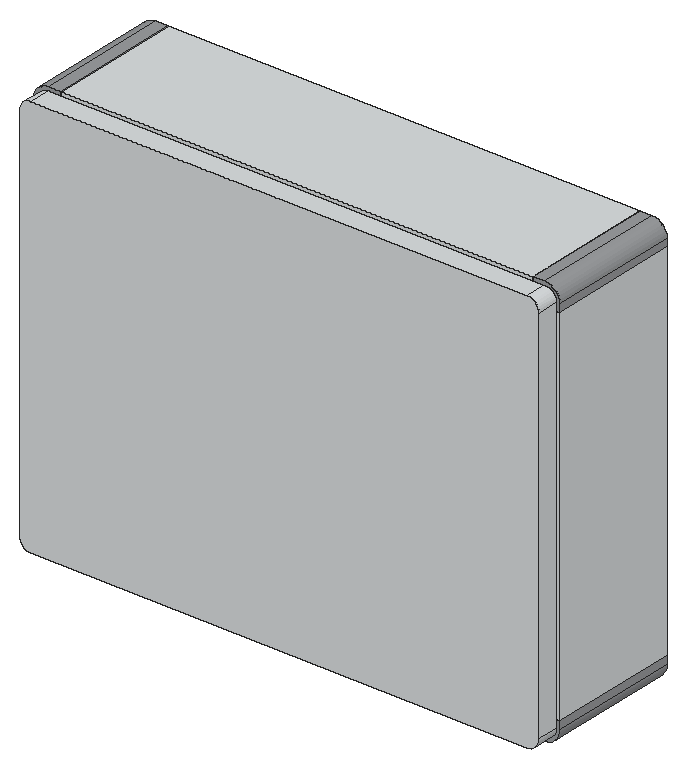
Revit family "Legrand Coffret XL³ 160 Métal", category Equipement électrique, Revit 2020
Family settings
  Configuration du panneau = Deux colonnes, circuits au sein
  Cote de connecteur circulaire = Utiliser le diamètre
  Type d'élément = Tableau de raccordement
  Numéro OmniClass = 23.80.30.11.17
  Titre OmniClass = Distribution Boards and Control Panels
  Basée sur le plan de construction = Non
  Toujours verticalement = Oui
  Couper avec des vides une fois chargée = Non
  Partagée = Non
  Point de calcul de pièce = Non
Parameters (values of type "020002-020272")
  built-in parameter 1140140 [instance] = 1 (stored number, unit not read)
  profondeur zone d'installation = 720 mm
  Matière coin = "Plastique"  # constant formula
  Matière = "Acier"  # constant formula
  Largeur zone d'installation = 1245 mm
  Hauteur zone d'installation = [Hauteur (mm)]  # 450 mm
  zone d'installation [instance] = yes
  URL = "https://www.legrand.fr/"
  profondeur (mm) = 170 mm
  Modèle = "XL³ 160 Metal"
  Largeur (mm) = 575 mm
  IPK (kA) = "35"
  IN max (A) = "160"
  ICW (jusqu'à) (kA) = "0"
  IP sans porte = "30"
  IP avec porte = "43"
  IK sans porte = "07"
  IK avec porte = "08"
  Hauteur (mm) = 450 mm
  Finition = "Peinture époxipolyester déposée par poudrage électrostatique"
  Conditions Générale d'Utilisation = "https://export.legrand.com/CGU-objets-BIM"
  Fabricant = "Legrand"  # constant formula
  RAL = "7035"
  Elévation par défaut = 0 mm
  built-in parameter 1140142 [instance] = -1
  built-in parameter 1155100 [instance] = -1
Types (6, lengths in mm): name | Hauteur zone d'installation | Hauteur (mm)
  (no name) | 450 | 450
  020003-020273 | 600 | 600
  020002-020272 | 450 | 450
  020004-020274 | 750 | 750
  020005-020275 | 900 | 900
  020006-020276 | 1050 | 1050
Reference planes
  plane 1 "Centre (avant/arrière)": y = 0
  plane 2: z = 0
  plane 3 "Centre (gauche/droite)": x = 0
  plane 4: y = 85
  plane 5: y = -85
  plane 6: x = -287.5
  plane 7: x = 287.5
  plane 8: z = 450
  plane 9: z = 225
  plane 10: x = -257.5
  plane 11: z = 425
  plane 12: z = 433.5
  plane 13: x = -271
  plane 14: z = 445
  plane 15: z = 5
  plane 16: x = 282.5
  plane 17: x = -282.5
  plane 18: y = 84
  plane 19: y = -61
  plane 20: z = 446
  plane 21: x = 283.5
  plane 22: z = 4
  plane 23: x = -283.5
  plane 24: x = 257.5
  plane 25: x = -262.5
Forms (mm)
  Extrusion 1, solid, material "IDS_PLASTIQUE"
    sketch origin (0, 0, 0) x (1, 0, 0) y (0, 0, 1)
      loop
        line (-287.5, 425) -> (-257.5, 425) -> (-257.5, 450) -> (-271, 450)
        arc (-271, 450) -> (-282.667, 445.167) -> (-287.5, 433.5) r 16.5
        line (-287.5, 433.5) -> (-287.5, 425)
      loop
        line (287.5, 425) -> (287.5, 433.5)
        arc (287.5, 433.5) -> (282.667, 445.167) -> (271, 450) r 16.5
        line (271, 450) -> (257.5, 450) -> (257.5, 425) -> (287.5, 425)
      loop
        line (-287.5, 25) -> (-287.5, 16.5)
        arc (-287.5, 16.5) -> (-282.667, 4.833) -> (-271, 0) r 16.5
        line (-271, 0) -> (-257.5, 0) -> (-257.5, 25) -> (-287.5, 25)
      loop
        line (287.5, 25) -> (257.5, 25) -> (257.5, 0) -> (271, 0)
        arc (271, 0) -> (282.667, 4.833) -> (287.5, 16.5) r 16.5
        line (287.5, 16.5) -> (287.5, 25)
    from -85 to 61
  Extrusion 2, solid, material "IDS_ACIER"
    sketch origin (0, 0, 0) x (1, 0, 0) y (0, 0, 1)
      loop
        line (-257.5, 450) -> (-257.5, 425) -> (257.5, 425) -> (257.5, 450) -> (-257.5, 450)
      loop
        line (-257.5, 0) -> (257.5, 0) -> (257.5, 25) -> (-257.5, 25) -> (-257.5, 0)
    from -85 to 61
  Extrusion 3, solid, material "IDS_ACIER"
    sketch origin (0, 0, 0) x (1, 0, 0) y (0, 0, 1)
      loop
        line (-287.5, 425) -> (-287.5, 25) -> (-257.5, 25) -> (-257.5, 425) -> (-287.5, 425)
      loop
        line (287.5, 425) -> (257.5, 425) -> (257.5, 25) -> (287.5, 25) -> (287.5, 425)
    from -85 to 61
  Extrusion 4, solid, material "IDS_ACIER"
    sketch origin (0, 0, 0) x (1, 0, 0) y (0, 0, 1)
      loop
        line (-282.5, 445) -> (-282.5, 5) -> (282.5, 5) -> (282.5, 445) -> (-282.5, 445)
    from -85 to -84
  Extrusion 5, solid, material "IDS_ACIER"
    sketch origin (0, 0, 0) x (1, 0, 0) y (0, 0, 1)
      loop
        line (-283.5, 433.5) -> (-283.5, 16.5)
        arc (-283.5, 16.5) -> (-279.839, 7.661) -> (-271, 4) r 12.5
        line (-271, 4) -> (271, 4)
        arc (271, 4) -> (279.839, 7.661) -> (283.5, 16.5) r 12.5
        line (283.5, 16.5) -> (283.5, 433.5)
        arc (283.5, 433.5) -> (279.839, 442.339) -> (271, 446) r 12.5
        line (271, 446) -> (-271, 446)
        arc (-271, 446) -> (-279.839, 442.339) -> (-283.5, 433.5) r 12.5
    from 61 to 85
Cuts and joins
  joined: Extrusion 2, Extrusion 3, Extrusion 4
Dimensions and locks
  equal spacing: plane 6, plane 3 "Centre (gauche/droite)", plane 7
  equal spacing: plane 4, plane 1 "Centre (avant/arrière)", plane 5
  "Largeur (mm)": plane 6 to plane 7
  "profondeur (mm)": plane 4 to plane 5
  "Hauteur (mm)": plane 8 to plane 2
  equal spacing: plane 8, plane 9, plane 2
  locked: plane 10 to plane 6 at 30
  locked: plane 8 to plane 11 at 25
  locked: plane 13 to plane 6 at 16.5
  locked: plane 8 to plane 12 at 16.5
  locked: plane 8 to plane 14 at 5
  locked: plane 15 to plane 2 at 5
  locked: plane 17 to plane 6 at 5
  locked: plane 7 to plane 16 at 5
  locked: plane 18 to plane 4 at 1
  locked: plane 5 to plane 19 at 24
  locked: plane 7 to plane 21 at 4
  locked: plane 22 to plane 2 at 4
  equal spacing: plane 20, plane 9, plane 22
  equal spacing: plane 21, plane 3 "Centre (gauche/droite)", plane 23
  locked: plane 7 to plane 24 at 30
  locked: plane 25 to plane 6 at 25
  aligned and locked: level to plane 2
  aligned and locked: plane 11 to Extrusion 1 sketch curve
  aligned and locked: Extrusion 1 sketch curve to plane 10
  aligned and locked: plane 6 to Extrusion 1 sketch curve
  aligned and locked: plane 4 to Extrusion 1
  aligned and locked: Extrusion 2 sketch curve to plane 8
  aligned and locked: Extrusion 2 sketch curve to Extrusion 1  (x3)
  aligned and locked: plane 4 to Extrusion 2
  aligned and locked: plane 6 to Extrusion 3 sketch curve
  aligned and locked: Extrusion 3 sketch curve to Extrusion 1  (x3)
  aligned and locked: plane 4 to Extrusion 3
  aligned and locked: Extrusion 4 sketch curve to plane 14
  aligned and locked: plane 17 to Extrusion 4 sketch curve
  aligned and locked: plane 15 to Extrusion 4 sketch curve
  aligned and locked: Extrusion 4 sketch curve to plane 16
  aligned and locked: plane 4 to Extrusion 4
  aligned and locked: Extrusion 1 to plane 19
  aligned and locked: Extrusion 1 to Extrusion 3
  aligned and locked: Extrusion 2 to Extrusion 1
  aligned and locked: Extrusion 5 sketch curve to plane 20
  aligned and locked: plane 23 to Extrusion 5 sketch curve
  aligned and locked: plane 22 to Extrusion 5 sketch curve
  aligned and locked: Extrusion 5 sketch curve to plane 21
  aligned and locked: plane 19 to Extrusion 5
  aligned and locked: plane 5 to Extrusion 5
  aligned and locked: cut or joined group of Extrusion 2, Extrusion 3, Extrusion 4 to plane 18
Automatic sketch dimensions
  Extrusion 1 sketch curve to plane 6 = 0 mm
  Extrusion 1 sketch curve to plane 8 = 0 mm  (x2)
  Extrusion 1 sketch curve to plane 13 = 0 mm
  plane 13 to Extrusion 1 sketch curve = 0 mm
  Extrusion 1 sketch curve to plane 10 = 0 mm
  Extrusion 1 sketch curve to level = 0 mm  (x2)
  Extrusion 1 sketch curve to plane 11 = 0 mm
  Extrusion 1 sketch curve to plane 12 = 0 mm
  Extrusion 1 sketch curve to plane 7 = 0 mm  (x2)
  Extrusion 1 sketch curve to Extrusion 1 sketch curve = 13.5 mm  (x2)
  Extrusion 1 sketch curve to plane 7 = 30 mm
  Extrusion 1 sketch curve to Extrusion 1 sketch curve = 8.5 mm  (x2)
  Extrusion 2 sketch curve to level = 0 mm
  plane 6 to Extrusion 2 sketch curve = 30 mm
  Extrusion 2 sketch curve to plane 7 = 30 mm
  level to Extrusion 2 sketch curve = 25 mm
  Extrusion 3 sketch curve to plane 7 = 0 mm
  Extrusion 3 sketch curve to plane 7 = 30 mm
  level to Extrusion 3 sketch curve = 25 mm
  Extrusion 3 sketch curve to plane 8 = 25 mm
  plane 6 to Extrusion 5 sketch curve = 16.5 mm
  Extrusion 5 sketch curve to Extrusion 5 sketch curve = 12.5 mm
  Extrusion 5 sketch curve to plane 7 = 16.5 mm  (x2)
Connectors
  electrical at (0, 85, 225)
    settings: on cut or joined group of Extrusion 2, Extrusion 3, Extrusion 4, index 1, voltage 0 V, apparent load 0 VA, apparent load phase1 0 VA, apparent load phase2 0 VA, apparent load phase3 0 VA, power factor 1, load classification "Autre", number of poles 1, system type 31, power factor state 1, is connector primary yes, connector utility no, sub classification motor no, connector description ""
